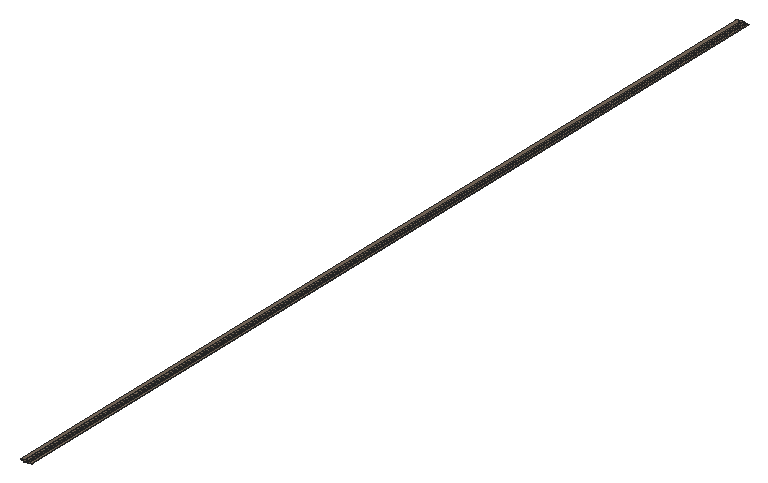
Revit family "111210005058286", category Modelos genéricos, Revit 2018
Family settings
  Puede alojar armadura = No
  Cota de conector redondo = Diámetro de uso
  Tipo de pieza = Normal
  Se basa en plano de trabajo = No
  Siempre vertical = No
  Corte con vacíos al cargar = No
  Compartido = No
  Punto de cálculo de habitación = No
Parameters (values of type "CUBREJUNTA PLANA PVC 40MM CAFE TIRA 3MT")
  Ventajas = "Autoextinguible"
  Uso = "Fabricado en PVC, ideal para zonas de medio y alto trafico, con estrías\r\nantideslizantes. Ideal para: Edificios Públicos y Privados, Colegios, Universidades, Centros\r\ncomerciales, Aeropuertos, Hoteles, Edificios Habitacionales, entre otros."
  Unidad = "Tiras de 3.00 Mts."
  URL = "https://www.empresascnp.cl/"
  Num SKUs = "111210005058286"
  Nombre SKU = "CUBREJUNTA PLANA PVC 40MM CAFE TIRA 3MT"
  Modelo = "CUBREJUNTA PLANA PVC 40MM"
  Material = PVC rigido cafe
  Url Ficha tecnica = "https://empresascnp.cl/wp-content/uploads//pdf/ficha-tecnica-cubrejunta-plana-pvc-40mm-cafe-tira-3mt.pdf"
  Largo = 3000.00 mm
  Espesor = 2.00 mm
  Empresa = "CNP SPA."
  Dureza = "80 shore A"
  Dimension = 40.00 mm
  Descripción = "Cubrejunta plana de 40MM."
  Contacto = "info@empresascnp.cl"
  Color = "Cafe"
  Aplicacion = "Cubrejunta para uniones de pisos"
  Alto = 5.00 mm
Reference planes
  plane 1 "Center F/B": y = 0
  plane 2: z = 0
  plane 3 "Center L/R": x = -4
  plane 4: z = -5
  plane 5 "2": y = 1500
  plane 6 "3": y = -1500
  plane 7: x = 36
  plane 8 "4": x = 16
Forms (mm)
  Extrusion 1, solid, material "PVC rigido cafe" <- "Material"
    sketch origin (0, 0, 0) x (1, 0, 0) y (0, 0, 1)
      loop
        arc (21.066, 1.751) -> (16, 3.56) -> (10.934, 1.751) r 8
        arc (10.934, 1.751) -> (9.762, 1.163) -> (8.451, 1.13) r 3
        arc (8.451, 1.13) -> (2.427, 1.634) -> (-3.56, 0.79) r 27.096
        arc (-3.56, 0.79) -> (-3.866, 0.395) -> (-3.56, 0) r 0.408
        arc (-3.56, 0) -> (2.684, 0.329) -> (8.909, -0.258) r 42.693
        arc (8.909, -0.258) -> (9.358, -0.608) -> (9.314, -1.175) r 0.6
        line (9.314, -1.175) -> (8.718, -2.101)
        arc (8.718, -2.101) -> (8.931, -3.173) -> (10.01, -2.998) r 0.787
        arc (10.01, -2.998) -> (16, 0) -> (21.99, -2.998) r 7.482
        arc (21.99, -2.998) -> (23.069, -3.173) -> (23.282, -2.101) r 0.787
        line (23.282, -2.101) -> (22.686, -1.175)
        arc (22.686, -1.175) -> (22.642, -0.608) -> (23.091, -0.258) r 0.6
        arc (23.091, -0.258) -> (29.316, 0.329) -> (35.56, 0) r 42.693
        arc (35.56, 0) -> (35.866, 0.395) -> (35.56, 0.79) r 0.408
        arc (35.56, 0.79) -> (29.573, 1.634) -> (23.549, 1.13) r 27.096
        arc (23.549, 1.13) -> (22.238, 1.163) -> (21.066, 1.751) r 3
    from -1500 to 1500
Dimensions and locks
  "Alto": level to plane 4
  equal spacing: plane 6 "3", plane 1 "Center F/B", plane 5 "2"
  "Largo": plane 6 "3" to plane 5 "2"
  "Dimension": plane 7 to plane 3 "Center L/R"
  equal spacing: plane 7, plane 8 "4", plane 3 "Center L/R"
  aligned and locked: plane 6 "3" to Extrusion 1
  aligned and locked: Extrusion 1 to plane 5 "2"
Automatic sketch dimensions
  Extrusion 1 sketch curve to level = 0.00 mm  (x2)
  Extrusion 1 sketch curve to plane 8 "4" = 0.00 mm  (x2)
  Extrusion 1 sketch curve to Extrusion 1 sketch curve = 0.471 mm
  Extrusion 1 sketch curve to Extrusion 1 sketch curve = 0.124 mm
  Extrusion 1 sketch curve to level = 2.101 mm  (x2)
  Extrusion 1 sketch curve to Extrusion 1 sketch curve = 0.662 mm  (x2)
  plane 3 "Center L/R" to Extrusion 1 sketch curve = 5.80 mm
  plane 3 "Center L/R" to Extrusion 1 sketch curve = 0.542 mm
  Extrusion 1 sketch curve to plane 4 = 2.474 mm
  plane 8 "4" to Extrusion 1 sketch curve = 6.62 mm
  Extrusion 1 sketch curve to level = 1.175 mm
  Extrusion 1 sketch curve to Extrusion 1 sketch curve = 0.066 mm
  Extrusion 1 sketch curve to Extrusion 1 sketch curve = 0.281 mm
  Extrusion 1 sketch curve to Extrusion 1 sketch curve = 0.505 mm  (x2)
  Extrusion 1 sketch curve to plane 7 = 7.193 mm
  Extrusion 1 sketch curve to plane 7 = 5.80 mm
  Extrusion 1 sketch curve to plane 7 = 0.542 mm
  Extrusion 1 sketch curve to plane 4 = 0.56 mm
  plane 4 to Extrusion 1 sketch curve = 2.482 mm
  Extrusion 1 sketch curve to Extrusion 1 sketch curve = 16.904 mm
  Extrusion 1 sketch curve to Extrusion 1 sketch curve = 0.426 mm
  Extrusion 1 sketch curve to Extrusion 1 sketch curve = 0.325 mm  (x2)
  Extrusion 1 sketch curve to level = 0.85 mm
  level to Extrusion 1 sketch curve = 0.395 mm  (x2)
  level to Extrusion 1 sketch curve = 4.073 mm  (x2)
  Extrusion 1 sketch curve to Extrusion 1 sketch curve = 1.619 mm
  Extrusion 1 sketch curve to Extrusion 1 sketch curve = 0.00 mm  (x8)
  Extrusion 1 sketch curve to level = 0.258 mm
  level to Extrusion 1 sketch curve = 1.13 mm
  Extrusion 1 sketch curve to Extrusion 1 sketch curve = 0.596 mm
  level to Extrusion 1 sketch curve = 1.751 mm
